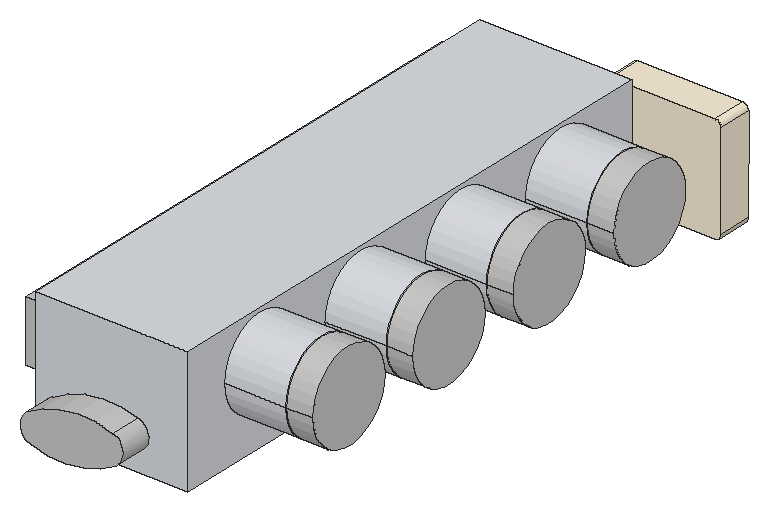
Revit family "HVAC_Ductwork_Airzone_Motorized-Plenum_Hitachi_Low-Profile_4-Dampers", category Mechanical Equipment, Revit 2016
Family settings
  Part Type = Normal
  Round Connector Dimension = Use Diameter
  OmniClass Number = 23.75.70.14
  OmniClass Title = Air Ductwork
  Work Plane-Based = No
  Always vertical = Yes
  Cut with Voids When Loaded = No
  Shared = No
  Room Calculation Point = No
Parameters (values of type "HITSL01M4")
  Voltage = 230 V
  URL = "www.airzone.es"
  Type Image Comments = "Image available in product documentation download"  # constant formula
  Revit Model Version = "1.0"  # constant formula
  Revit Model Author URL = "www.a3d.es"
  Revit Model Author = "A3D Consulting"  # constant formula
  Product Documentation Download URL = "http://doc.airzone.es/BIM/Easyzone/Hitachi-Airzone_motorized_plenum.zip"
  Product Comments = "Refer to technical documentation for further details"  # constant formula
  Power Factor = 1
  Neck Width = 871.600 mm
  Neck Length = 40.000 mm
  Neck Height = 102.600 mm
  Material = Metal - AIRZONE - Galvanized Sheet - Semi-polished
  Main Control Board Material = Plastic - AIRZONE - Smooth - Off-white
  Load Classification = Other
  Insulated Body Width = 255.000 mm  # constant formula
  Insulated Body Material = Metal -AIRZONE - Insulating Lining -Aluminum Finish
  Insulated Body Length = 930.000 mm  # constant formula
  Insulated Body Height = 210.000 mm  # constant formula
  Flow [instance] = Damper 4 Air Flow + Damper 3 Air Flow + Damper 2 Air Flow + Damper 1 Air Flow - Fresh Air Inlet 2 Flow - Fresh Air Inlet 1 Flow  # 1200 m³/h
  Fresh Air Inlet 1 Flow [instance] = 0 m³/h
  Fresh Air Inlet 2 Flow [instance] = 0 m³/h
  Fresh Air Inlet Connection Width = 175.000 mm
  Fresh Air Inlet Connection Height = 75.000 mm
  Model = "HITSL01M4"
  Neck Side Offset = 29.200 mm
  Neck Bottom Offset = 73.200 mm
  Type Image = <None>
  Manufacturer = "AIRZONE"  # constant formula
  Main Control Board Depth = 57.000 mm  # constant formula
  Main Control Board Width = 195.000 mm  # constant formula
  Main Control Board Height = 180.000 mm  # constant formula
  Fixing = ""
  Disclaimer = "All information provided in this model is reviewed before being published. However, Airzone cannot guarantee this model is error-free, therefore users are strongly encouraged to check for technical documentation and updates"  # constant formula
  Description = "Airzone low profile motorized plenum with neck that mechanically adapts to the main ducted AC units of Hitachi."
  Type Comments = ""
  Dampers Length = 149.000 mm  # constant formula
  Dampers Diameter = 150.000 mm  # constant formula
  Damper 4 Air Flow [instance] = 300 m³/h
  Damper 1 Air Flow [instance] = 300 m³/h
  Damper 2 Air Flow [instance] = 300 m³/h
  Damper 3 Air Flow [instance] = 300 m³/h
  Fresh Air Inlet Connection Offset Height = 48.305 mm  # constant formula
  Compatible Accesories = ""
  Apparent Load = 57.5 VA
Reference planes
  plane 1 "Center (Front/Back)": y = 0
  plane 2 "Center (Elevation)": z = 0
  plane 3 "Center (Left/Right)": x = 0
  plane 4 "Neck Back": y = 435.8
  plane 5 "Neck Front": y = -435.8
  plane 6 "Neck Top": z = 51.3
  plane 7 "Neck Bottom": z = -51.3
  plane 8 "Left": x = 40
  plane 9 "Bottom": z = -124.5
  plane 10 "Top": z = 85.5
  plane 11 "Front": y = -465
  plane 12 "Back": y = 465
  plane 13 "Right": x = 295
  plane 14 "Dampers Front": x = 444
  plane 15 "Dampers Center (Elevation)": z = 5.5
  plane 16 "Damper3": y = -105
  plane 17 "Damper2": y = 105
  plane 18 "Damper1": y = 315
  plane 19 "Middle": y = 0
  plane 20 "FreshAir Center (Elevation)": z = -76.195
  plane 21 "FreshAir1": y = 517.5
  plane 22 "FreshAir2": y = -517.5
  plane 23 "Dampers Lining": x = 399
  plane 24 "FreshAir Vertical Axis": x = 142.04
  plane 25 "ConnectionBox Side": x = 249
  plane 26 "Main Control Board Center (Left/Right)": x = 346.5
  plane 27 "Damper4": y = -315
Forms (mm)
  Extrusion 1, solid, material "Metal - AIRZONE - Galvanized Sheet - Semi-polished" <- "Material"
    sketch origin (0, 0, 0) x (0, 1, 0) y (0, 0, 1)
      loop
        line (-435.8, 51.3) -> (-435.8, -51.3) -> (435.8, -51.3) -> (435.8, 51.3) -> (-435.8, 51.3)
    from 0 to 40
  Extrusion 2, solid, material "Metal -AIRZONE - Insulating Lining -Aluminum Finish" <- "Insulated Body Material"
    sketch origin (40, 0, 0) x (0, 1, 0) y (0, 0, 1)
      loop
        line (-465, 85.5) -> (-465, -124.5) -> (465, -124.5) -> (465, 85.5) -> (-465, 85.5)
    from 0 to 255
  Extrusion 3, solid, material "Metal - AIRZONE - Galvanized Sheet - Semi-polished" <- "Material"
    sketch origin (295, 0, 0) x (0, 1, 0) y (0, 0, 1)
      loop
        circle (-105, 5.5) r 75
    from 104 to 149
  Extrusion 4, solid, material "Metal - AIRZONE - Galvanized Sheet - Semi-polished" <- "Material"
    sketch origin (295, 0, 0) x (0, 1, 0) y (0, 0, 1)
      loop
        circle (105, 5.5) r 75
    from 104 to 149
  Extrusion 5, solid, material "Metal - AIRZONE - Galvanized Sheet - Semi-polished" <- "Material"
    sketch origin (295, 0, 0) x (0, 1, 0) y (0, 0, 1)
      loop
        circle (315, 5.5) r 75
    from 104 to 149
  Extrusion 6, solid, material "Metal - AIRZONE - Galvanized Sheet - Semi-polished" <- "Material"
    sketch origin (0, -465, 0) x (0, 0, 1) y (1, 0, 0)
      loop
        arc (-43.641, 211.414) -> (-65.108, 228.315) -> (-89.812, 216.644) r 25.96
        arc (-89.812, 216.644) -> (-115.802, 146.808) -> (-108.349, 72.666) r 164.67
        arc (-108.349, 72.666) -> (-87.165, 55.799) -> (-62.494, 66.961) r 25.96
        arc (-62.494, 66.961) -> (-36.225, 136.99) -> (-43.641, 211.414) r 164.67
    from 0 to -52.5
  Extrusion 7, solid, material "Metal - AIRZONE - Galvanized Sheet - Semi-polished" <- "Material"
    sketch origin (0, 465, 0) x (0, 0, 1) y (1, 0, 0)
      loop
        arc (-43.641, 211.414) -> (-64.825, 228.281) -> (-89.496, 217.119) r 25.96
        arc (-89.496, 217.119) -> (-115.679, 147.74) -> (-108.767, 73.909) r 164.67
        arc (-108.767, 73.909) -> (-87.532, 55.847) -> (-62.178, 67.436) r 25.96
        arc (-62.178, 67.436) -> (-36.188, 137.272) -> (-43.641, 211.414) r 164.67
    from 0 to 52.5
  Extrusion 8, solid, material "Metal -AIRZONE - Insulating Lining -Aluminum Finish" <- "Insulated Body Material"
    sketch origin (295, 0, 0) x (0, 1, 0) y (0, 0, 1)
      loop
        circle (315, 5.5) r 75
    from 0 to 104
  Extrusion 9, solid, material "Metal -AIRZONE - Insulating Lining -Aluminum Finish" <- "Insulated Body Material"
    sketch origin (295, -260, 0) x (0, 1, 0) y (0, 0, 1)
      loop
        circle (365, 5.5) r 75
    from 0 to 104
  Extrusion 10, solid, material "Metal -AIRZONE - Insulating Lining -Aluminum Finish" <- "Insulated Body Material"
    sketch origin (295, -520, 0) x (0, 1, 0) y (0, 0, 1)
      loop
        circle (415, 5.5) r 75
    from 0 to 104
  Extrusion 11, solid, material "Metal - AIRZONE - Galvanized Sheet - Semi-polished" <- "Material"
    sketch origin (295, -190, 0) x (0, 1, 0) y (0, 0, 1)
      loop
        circle (-125, 5.5) r 75
    from 104 to 149
  Extrusion 12, solid, material "Metal -AIRZONE - Insulating Lining -Aluminum Finish" <- "Insulated Body Material"
    sketch origin (295, -710, 0) x (0, 1, 0) y (0, 0, 1)
      loop
        circle (395, 5.5) r 75
    from 0 to 104
Lines and regions (mm)
  Masking region 1
    outline origin (0, 0, 0) x (1, 0, 0) y (0, 1, 0)
      loop
        line (40, 465) -> (40, -465) -> (295, -465) -> (295, 465) -> (40, 465)
  Masking region 2, detail levels medium+fine
    outline origin (0, 0, 0) x (1, 0, 0) y (0, 1, 0)
      loop
        line (0, 435.8) -> (0, -435.8) -> (40, -435.8) -> (40, 435.8) -> (0, 435.8)
  Masking region 3, detail levels medium+fine
    outline origin (0, 0, 0) x (1, 0, 0) y (0, 1, 0)
      loop
        line (295, -30) -> (295, -180) -> (444, -180) -> (444, -30) -> (295, -30)
  Masking region 4, detail levels medium+fine
    outline origin (0, 260, 0) x (1, 0, 0) y (0, 1, 0)
      loop
        line (295, -80) -> (295, -230) -> (444, -230) -> (444, -80) -> (295, -80)
  Masking region 5, detail levels medium+fine
    outline origin (0, 520, 0) x (1, 0, 0) y (0, 1, 0)
      loop
        line (295, -130) -> (295, -280) -> (444, -280) -> (444, -130) -> (295, -130)
  Masking region 6, detail levels medium+fine
    outline origin (0, 0, -76.195) x (1, 0, 0) y (0, 1, 0)
      loop
        line (54.54, 517.5) -> (54.54, 465) -> (229.54, 465) -> (229.54, 517.5) -> (54.54, 517.5)
  Masking region 7, detail levels medium+fine
    outline origin (0, 0, -76.195) x (1, 0, 0) y (0, 1, 0)
      loop
        line (54.54, -465) -> (54.54, -517.5) -> (229.54, -517.5) -> (229.54, -465) -> (54.54, -465)
  Masking region 8, detail levels medium+fine
    outline origin (0, 0, 85.5) x (0, -1, 0) y (1, 0, 0)
      loop
        line (-522, 249) -> (-465, 249) -> (-465, 444) -> (-522, 444) -> (-522, 249)
  Masking region 9, detail levels medium+fine
    outline origin (0, -190, 0) x (1, 0, 0) y (0, 1, 0)
      loop
        line (295, -50) -> (295, -200) -> (444, -200) -> (444, -50) -> (295, -50)
  symbolic lines, detail levels coarse
    curve 1: line (40, -465, 0) -> (295, 0, 0)
    curve 2: line (295, 0, 0) -> (40, 465, 0)
Dimensions and locks
  equal spacing: plane 4 "Neck Back", plane 1 "Center (Front/Back)", plane 5 "Neck Front"
  "Neck Width": plane 4 "Neck Back" to plane 5 "Neck Front"
  equal spacing: plane 6 "Neck Top", level, plane 7 "Neck Bottom"
  "Neck Height": plane 6 "Neck Top" to plane 7 "Neck Bottom"
  "Neck Length": plane 3 "Center (Left/Right)" to plane 8 "Left"
  "Neck Bottom Offset": plane 7 "Neck Bottom" to plane 9 "Bottom"
  "Insulated Body Height": plane 10 "Top" to plane 9 "Bottom"
  "Insulated Body Length": plane 12 "Back" to plane 11 "Front"
  "Insulated Body Width": plane 8 "Left" to plane 13 "Right"
  "Dampers Length": plane 13 "Right" to plane 14 "Dampers Front"
  equal spacing: plane 12 "Back", plane 19 "Middle", plane 11 "Front"
  plane 8 "Left" to plane 13 "Right" = 255.000 mm
  "Fresh Air Inlet Connection Offset Height": plane 20 "FreshAir Center (Elevation)" to plane 9 "Bottom"
  locked: Extrusion 6 sketch curve to plane 9 "Bottom" at 56.47
  locked: Extrusion 6 sketch curve to plane 8 "Left" at 162.52
  locked: Extrusion 6 sketch curve to plane 8 "Left" at 41.56
  locked: Extrusion 6 sketch curve to plane 9 "Bottom" at 40.54
  locked: Extrusion 6 sketch curve to plane 8 "Left" at 118.3
  locked: plane 9 "Bottom" to Extrusion 6 sketch curve at 75.01
  locked: Extrusion 6 sketch curve to plane 8 "Left" at 85.78
  locked: Extrusion 6 sketch curve to plane 9 "Bottom" at 172.02
  locked: Extrusion 7 sketch curve to plane 8 "Left" at 162.52
  locked: Extrusion 7 sketch curve to plane 9 "Bottom" at 56.47
  locked: Extrusion 7 sketch curve to plane 9 "Bottom" at 40.54
  locked: Extrusion 7 sketch curve to plane 8 "Left" at 41.56
  locked: Extrusion 7 sketch curve to plane 8 "Left" at 85.78
  locked: Extrusion 7 sketch curve to plane 9 "Bottom" at 172.02
  locked: plane 9 "Bottom" to Extrusion 7 sketch curve at 75.01
  locked: Extrusion 7 sketch curve to plane 8 "Left" at 118.3
  "Neck Side Offset": plane 12 "Back" to plane 4 "Neck Back"
  locked: plane 21 "FreshAir1" to plane 12 "Back" at 52.5
  plane 11 "Front" to plane 22 "FreshAir2" = 52.500 mm
  locked: plane 20 "FreshAir Center (Elevation)" to connector elem
  locked: connector elem to plane 20 "FreshAir Center (Elevation)"
  locked: plane 23 "Dampers Lining" to plane 14 "Dampers Front" at 45
  locked: plane 8 "Left" to plane 24 "FreshAir Vertical Axis" at 102.04
  equal spacing: Masking region 3 sketch curve, plane 16 "Damper3", Masking region 3 sketch curve
  "Dampers Diameter": Masking region 3 sketch curve to Masking region 3 sketch curve
  "Dampers Diameter": Masking region 4 sketch curve to Masking region 4 sketch curve
  equal spacing: Masking region 5 sketch curve, plane 18 "Damper1", Masking region 5 sketch curve
  "Dampers Diameter": Masking region 5 sketch curve to Masking region 5 sketch curve
  equal spacing: Masking region 6 sketch curve, plane 24 "FreshAir Vertical Axis", Masking region 6 sketch curve
  "Fresh Air Inlet Connection Width": Masking region 6 sketch curve to Masking region 6 sketch curve
  equal spacing: Masking region 7 sketch curve, plane 24 "FreshAir Vertical Axis", Masking region 7 sketch curve
  "Fresh Air Inlet Connection Width": Masking region 7 sketch curve to Masking region 7 sketch curve
  "Main Control Board Depth": Masking region 8 sketch curve to plane 12 "Back"
  "Main Control Board Width": plane 25 "ConnectionBox Side" to plane 14 "Dampers Front"
  equal spacing: plane 25 "ConnectionBox Side", plane 26 "Main Control Board Center (Left/Right)", plane 14 "Dampers Front"
  locked: nested 1 to plane 10 "Top" at 10
  equal spacing: Masking region 4 sketch curve, plane 17 "Damper2", Masking region 4 sketch curve
  equal spacing: Masking region 9 sketch curve, plane 27 "Damper4", Masking region 9 sketch curve
  "Dampers Diameter": Masking region 9 sketch curve to Masking region 9 sketch curve
  plane 18 "Damper1" to plane 17 "Damper2" to plane 16 "Damper3" to plane 27 "Damper4" = 210.000 mm locked, 210.000 mm locked, 210.000 mm locked
  locked: plane 17 "Damper2" to plane 19 "Middle" at 105
  locked: plane 24 "FreshAir Vertical Axis" to connector elem
  locked: connector elem to plane 24 "FreshAir Vertical Axis"
  locked: plane 10 "Top" to plane 15 "Dampers Center (Elevation)" at 80
  "Dampers Diameter": diameter of Extrusion 3 sketch curve
  "Dampers Diameter": diameter of Extrusion 4 sketch curve
  "Dampers Diameter": diameter of Extrusion 5 sketch curve
  radius of Extrusion 7 sketch curve = 164.670 mm  (x2)
  radius of Extrusion 7 sketch curve = 25.960 mm  (x2)
  radius of Extrusion 6 sketch curve = 164.670 mm  (x2)
  radius of Extrusion 6 sketch curve = 25.960 mm  (x2)
  "Dampers Diameter": diameter of Extrusion 8 sketch curve
  "Dampers Diameter": diameter of Extrusion 9 sketch curve
  "Dampers Diameter": diameter of Extrusion 10 sketch curve
  "Dampers Diameter": diameter of Extrusion 11 sketch curve
  "Dampers Diameter": diameter of Extrusion 12 sketch curve
  aligned and locked: level to plane 2 "Center (Elevation)"
  aligned and locked: plane 5 "Neck Front" to Extrusion 1 sketch curve
  aligned and locked: Extrusion 1 sketch curve to plane 6 "Neck Top"
  aligned and locked: Extrusion 1 sketch curve to plane 4 "Neck Back"
  aligned and locked: plane 7 "Neck Bottom" to Extrusion 1 sketch curve
  aligned and locked: Extrusion 1 to plane 3 "Center (Left/Right)"
  aligned and locked: Extrusion 2 sketch curve to plane 10 "Top"
  aligned and locked: Extrusion 2 sketch curve to plane 12 "Back"
  aligned and locked: plane 9 "Bottom" to Extrusion 2 sketch curve
  aligned and locked: plane 11 "Front" to Extrusion 2 sketch curve
  aligned and locked: plane 13 "Right" to Extrusion 2
  aligned and locked: Extrusion 2 to plane 8 "Left"
  aligned and locked: plane 16 "Damper3" to Extrusion 3 sketch curve
  aligned and locked: plane 15 "Dampers Center (Elevation)" to Extrusion 3 sketch curve
  aligned and locked: plane 15 "Dampers Center (Elevation)" to Extrusion 4 sketch curve
  aligned and locked: plane 18 "Damper1" to Extrusion 5 sketch curve
  aligned and locked: plane 15 "Dampers Center (Elevation)" to Extrusion 5 sketch curve
  aligned and locked: plane 14 "Dampers Front" to Extrusion 5
  aligned and locked: plane 14 "Dampers Front" to Extrusion 4
  aligned and locked: plane 14 "Dampers Front" to Extrusion 3
  aligned and locked: plane 8 "Left" to Extrusion 1
  aligned and locked: plane 22 "FreshAir2" to Extrusion 6
  aligned and locked: plane 21 "FreshAir1" to Extrusion 7
  aligned and locked: Extrusion 7 to plane 12 "Back"
  aligned and locked: plane 11 "Front" to Extrusion 6
  aligned and locked: Extrusion 5 to plane 23 "Dampers Lining"
  aligned and locked: Extrusion 5 to Extrusion 4
  aligned and locked: Extrusion 4 to Extrusion 3
  aligned and locked: plane 23 "Dampers Lining" to Extrusion 8
  aligned and locked: Extrusion 10 to plane 13 "Right"
  aligned and locked: plane 23 "Dampers Lining" to Extrusion 10
  aligned and locked: Extrusion 9 to plane 13 "Right"
  aligned and locked: plane 23 "Dampers Lining" to Extrusion 9
  aligned and locked: Extrusion 8 to plane 13 "Right"
  aligned and locked: Extrusion 9 to Extrusion 8
  aligned and locked: plane 18 "Damper1" to Extrusion 8 sketch curve
  aligned and locked: plane 15 "Dampers Center (Elevation)" to Extrusion 8 sketch curve
  aligned and locked: plane 15 "Dampers Center (Elevation)" to Extrusion 9 sketch curve
  aligned and locked: plane 16 "Damper3" to Extrusion 10 sketch curve
  aligned and locked: plane 15 "Dampers Center (Elevation)" to Extrusion 10 sketch curve
  aligned and locked: Masking region 1 sketch curve to plane 12 "Back"
  aligned and locked: plane 8 "Left" to Masking region 1 sketch curve
  aligned and locked: Masking region 1 sketch curve to plane 13 "Right"
  aligned and locked: plane 11 "Front" to Masking region 1 sketch curve
  aligned and locked: plane 5 "Neck Front" to Masking region 2 sketch curve
  aligned and locked: plane 3 "Center (Left/Right)" to Masking region 2 sketch curve
  aligned and locked: Masking region 2 sketch curve to plane 4 "Neck Back"
  aligned and locked: Masking region 2 sketch curve to plane 8 "Left"
  aligned and locked: plane 13 "Right" to Masking region 3 sketch curve
  aligned and locked: Masking region 3 sketch curve to plane 14 "Dampers Front"
  aligned and locked: plane 13 "Right" to Masking region 4 sketch curve
  aligned and locked: Masking region 4 sketch curve to plane 14 "Dampers Front"
  aligned and locked: plane 13 "Right" to Masking region 5 sketch curve
  aligned and locked: Masking region 5 sketch curve to plane 14 "Dampers Front"
  aligned and locked: plane 12 "Back" to Masking region 6 sketch curve
  aligned and locked: Masking region 6 sketch curve to plane 21 "FreshAir1"
  aligned and locked: Masking region 7 sketch curve to plane 11 "Front"
  aligned and locked: Masking region 7 sketch curve to plane 22 "FreshAir2"
  aligned and locked: plane 12 "Back" to Masking region 8 sketch curve
  aligned and locked: Masking region 8 sketch curve to plane 14 "Dampers Front"
  aligned and locked: plane 25 "ConnectionBox Side" to Masking region 8 sketch curve
  aligned and locked: plane 17 "Damper2" to Extrusion 9 sketch curve
  aligned and locked: plane 17 "Damper2" to Extrusion 4 sketch curve
  aligned and locked: Masking region 9 sketch curve to plane 14 "Dampers Front"
  aligned and locked: plane 13 "Right" to Masking region 9 sketch curve
  aligned and locked: Extrusion 12 to plane 13 "Right"
  aligned and locked: plane 23 "Dampers Lining" to Extrusion 12
  aligned and locked: Extrusion 11 to plane 23 "Dampers Lining"
  aligned and locked: plane 14 "Dampers Front" to Extrusion 11
  aligned and locked: plane 15 "Dampers Center (Elevation)" to Extrusion 12 sketch curve
  aligned and locked: plane 27 "Damper4" to Extrusion 12 sketch curve
  aligned and locked: plane 15 "Dampers Center (Elevation)" to Extrusion 11 sketch curve
  aligned and locked: plane 27 "Damper4" to Extrusion 11 sketch curve
  aligned and locked: nested 1 to plane 26 "Main Control Board Center (Left/Right)"
Automatic sketch dimensions
  curve 2 to plane 8 "Left" = 0.000 mm
  curve 1 to plane 8 "Left" = 0.000 mm
  curve 2 to plane 13 "Right" = 0.000 mm
  curve 1 to plane 11 "Front" = 0.000 mm
  curve 2 to plane 19 "Middle" = 0.000 mm
  curve 2 to plane 12 "Back" = 0.000 mm
Nested families
  nested 1: "Airzone_Main-Control-Board" at (346.5, 465, -14.5) x (-1, 0, 0) z (0, 1, 0), Extrusion <- "Main Control Board Depth", Height <- "Main Control Board Height", Width <- "Main Control Board Width", Material <- "Main Control Board Material", type "Standard"
    with Width 195.000 mm, Material Plastic - AIRZONE - Smooth - Off-white, Height 180.000 mm, Extrusion 57.000 mm
Connectors
  hvac at (444, -105, 5.5), driven by "Damper 3 Air Flow", driven by "Dampers Diameter"
    settings: on Extrusion 3, index 1, duct flow 300 m³/h, flow factor 0, pres drop 0.0 Pa, loss coef 0, conn angle 0.00°, conn width 304.8 mm, conn height 304.8 mm, conn diameter 150 mm, duct sys type 1, conn prof type 0, flow config 0, flow direction 2, loss method 0, conn ref index -1, conn util no, is conn primary no, conn desc "Supply Air Out 3"
  hvac at (444, 105, 5.5), driven by "Damper 2 Air Flow", driven by "Dampers Diameter"
    settings: on Extrusion 4, index 2, duct flow 300 m³/h, flow factor 0, pres drop 0.0 Pa, loss coef 0, conn angle 0.00°, conn width 304.8 mm, conn height 304.8 mm, conn diameter 150 mm, duct sys type 1, conn prof type 0, flow config 0, flow direction 2, loss method 0, conn ref index -1, conn util no, is conn primary no, conn desc "Supply Air Out 2"
  hvac at (444, 315, 5.5), driven by "Damper 1 Air Flow", driven by "Dampers Diameter"
    settings: on Extrusion 5, index 3, duct flow 300 m³/h, flow factor 0, pres drop 0.0 Pa, loss coef 0, conn angle 0.00°, conn width 304.8 mm, conn height 304.8 mm, conn diameter 150 mm, duct sys type 1, conn prof type 0, flow config 0, flow direction 2, loss method 0, conn ref index -1, conn util no, is conn primary no, conn desc "Supply Air Out 1"
  hvac at (0, 0, 0), driven by "Flow", driven by "Neck Height", driven by "Neck Width"
    settings: on Extrusion 1, index 6, duct flow 1200 m³/h, flow factor 0, pres drop 0.0 Pa, loss coef 0, conn angle 0.00°, conn width 871.6 mm, conn height 102.6 mm, conn diameter 609.6 mm, duct sys type 1, conn prof type 1, flow config 1, flow direction 1, loss method 0, conn ref index -1, conn util no, is conn primary yes, conn desc "Supply Air In"
  hvac at (142.04, -517.5, -76.195), driven by "Fresh Air Inlet 2 Flow", driven by "Fresh Air Inlet Connection Width", driven by "Fresh Air Inlet Connection Height"
    settings: index 7, duct flow 0 m³/h, flow factor 0, pres drop 0.0 Pa, loss coef 0, conn angle 0.00°, conn width 175 mm, conn height 75 mm, conn diameter 609.6 mm, duct sys type 1, conn prof type 2, flow config 1, flow direction 1, loss method 0, conn ref index -1, conn util no, is conn primary no, conn desc "Fresh Air In 2"
  hvac at (142.04, 517.5, -76.195), driven by "Fresh Air Inlet 1 Flow", driven by "Fresh Air Inlet Connection Height", driven by "Fresh Air Inlet Connection Width"
    settings: index 8, duct flow 0 m³/h, flow factor 0, pres drop 0.0 Pa, loss coef 0, conn angle 0.00°, conn width 175 mm, conn height 75 mm, conn diameter 609.6 mm, duct sys type 1, conn prof type 2, flow config 1, flow direction 1, loss method 0, conn ref index -1, conn util no, is conn primary no, conn desc "Fresh Air In 1"
  hvac at (444, -315, 5.5), driven by "Damper 4 Air Flow", driven by "Dampers Diameter"
    settings: on Extrusion 11, index 9, duct flow 300 m³/h, flow factor 0, pres drop 0.0 Pa, loss coef 0, conn angle 0.00°, conn width 304.8 mm, conn height 304.8 mm, conn diameter 150 mm, duct sys type 1, conn prof type 0, flow config 0, flow direction 2, loss method 0, conn ref index -1, conn util no, is conn primary no, conn desc "Supply Air Out 4"
  electrical at (346.5, 522, -14.5), driven by "Load Classification", driven by "Voltage", driven by "Apparent Load", driven by "Power Factor"
    settings: on nested 1, index 10, voltage 230 V, apparent load 57.5 VA, apparent load phase1 0 VA, apparent load phase2 0 VA, apparent load phase3 0 VA, power factor 1, load classification "Other", number of poles 1, system type 30, power factor state 1, is connector primary yes, connector utility no, sub classification motor no, connector description "Power Supply"
Definition of nested family "Airzone_Main-Control-Board"
  Parameters (values of type "Standard")
    Width [instance] = 195.000 mm
    URL = "www.airzone.es"
    Revit Model Version = "1.0"  # constant formula
    Revit Model Author URL = "www.a3d.es"
    Revit Model Author = "A3D Consulting"  # constant formula
    Material [instance] = none
    Manufacturer = "AIRZONE"  # constant formula
    Height [instance] = 180.000 mm
    Extrusion [instance] = 57.000 mm
    Default Elevation = 0.000 mm
  Reference planes
    plane 1 "Center (Front/Back)": y = 0
    plane 2: z = 0
    plane 3 "Center (Left/Right)": x = 0
    plane 4: y = 90
    plane 5: y = -90
    plane 6: x = 97.5
    plane 7: x = -97.5
  Forms (mm)
    Extrusion 1, solid, material <- "Material"
      sketch origin (0, 0, 0) x (1, 0, 0) y (0, 1, 0)
        loop
          arc (-87.5, 90) -> (-94.571, 87.071) -> (-97.5, 80) r 10
          line (-97.5, 80) -> (-97.5, -80)
          arc (-97.5, -80) -> (-94.571, -87.071) -> (-87.5, -90) r 10
          line (-87.5, -90) -> (87.5, -90)
          arc (87.5, -90) -> (94.571, -87.071) -> (97.5, -80) r 10
          line (97.5, -80) -> (97.5, 80)
          arc (97.5, 80) -> (94.571, 87.071) -> (87.5, 90) r 10
          line (87.5, 90) -> (-87.5, 90)
      from 0 to 57 <- "Extrusion"
  Dimensions and locks
    equal spacing: plane 7, plane 3 "Center (Left/Right)", plane 6
    equal spacing: plane 4, plane 1 "Center (Front/Back)", plane 5
    "Width": plane 7 to plane 6
    "Height": plane 4 to plane 5
    radius of Extrusion 1 sketch curve = 10.000 mm  (x4)
    aligned and locked: level to plane 2
    aligned and locked: plane 5 to Extrusion 1 sketch curve
    aligned and locked: Extrusion 1 sketch curve to plane 6
    aligned and locked: Extrusion 1 sketch curve to plane 4
    aligned and locked: plane 7 to Extrusion 1 sketch curve
